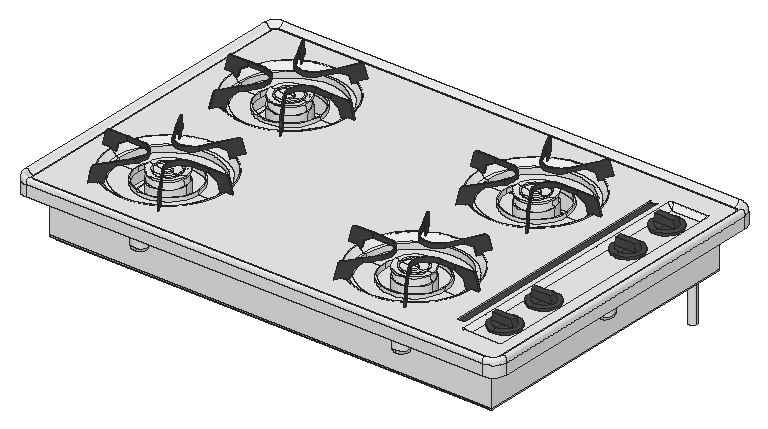
Revit family "QF_Summit_ZNL05P_Cooktop", category Specialty Equipment, Revit 2020
Family settings
  Round Connector Dimension = Use Diameter
  Part Type = Normal
  Work Plane-Based = No
  Always vertical = Yes
  Cut with Voids When Loaded = No
  Shared = No
  Room Calculation Point = No
Parameters
  Weight in Pounds = 32
  URL Cutsheet = ""
  Specification by User = ""
  Specification by Manufacturer = ""
  Serial Number = ""
  Seismic Rating = ""
  SMACNA No = ""
  Revision Code = ""
  Plumbing Remarks = ""
  Plumbing Connection Type = ""
  NAFEM Spec ID Number = ""
  Model = "ZNL05P"
  Masterspec = ""
  Manufacturer = "Summit"
  Length = 29 3/4"
  Item Number = ""
  Installed By = ""
  Identify Quantity as Lot = yes
  Height = 3 3/4"
  Gas Size = 0"
  Gas RI Height = 0"
  Gas KW = 0
  Gas Input = 9000.0 Btu/h
  Gas Connection Height = 0"
  Furnished By = ""
  Foodservice Equipment Identifier = yes
  Description = "Cooktop"
  Depth = 20"
  Default Elevation = 0"
  CSI MasterFormat = ""
Reference planes (in)
  plane 1 "BACK": y = 0
  plane 2: z = 0
  plane 3 "LEFT": x = 0
  plane 4 "RIGHT": x = 29.75
  plane 5 "FRONT": y = -20
  plane 6 "TOP": z = 3.75
  plane 7 "Center Y": x = 14.875
  plane 8 "Center X": y = -10
  plane 9: z = 2.75
  plane 10: z = 0.25
  plane 11: z = -2.75
Forms (in)
  Sweep 1, solid, material "QF_Metal_Chrome_Satin"
    path origin (0, 0, 3.74988) x (-1, 0, 0) y (0, -1, 0)
      loop
        line (-0.0625, 0.8125) -> (-0.0625, 19.1875)
        arc (-0.0625, 19.1875) -> (-0.28217, 19.71783) -> (-0.8125, 19.9375) r 0.75
        line (-0.8125, 19.9375) -> (-28.9375, 19.9375)
        arc (-28.9375, 19.9375) -> (-29.46783, 19.71783) -> (-29.6875, 19.1875) r 0.75
        line (-29.6875, 19.1875) -> (-29.6875, 0.8125)
        arc (-29.6875, 0.8125) -> (-29.46783, 0.28217) -> (-28.9375, 0.0625) r 0.75
        line (-28.9375, 0.0625) -> (-0.8125, 0.0625)
        arc (-0.8125, 0.0625) -> (-0.28217, 0.28217) -> (-0.0625, 0.8125) r 0.75
    profile origin (0.0625, -10, 3.74988) x (1, 0, 0) y (0, 0, 1)
      loop
        line (0.50007, -0.99988) -> (0.50007, -0.24988)
        spline (0.50007, -0.24988) -> (0.38683, -0.22526) -> (0.30986, -0.16677) -> (0.25459, -0.09746) -> (0.20654, -0.0403) -> (0.15715, -0.00897) -> (0.1083, -0.00102) -> (0.06291, -0.01235) -> (0.02367, -0.03905) -> (-0.00886, -0.07917) -> (-0.03532, -0.13183) -> (-0.05489, -0.20201) -> (-0.06266, -0.31115)
        line (-0.06266, -0.31115) -> (-0.06266, -0.99988) -> (0.50007, -0.99988)
  Extrusion 2, solid, material "QF_Metal_Chrome_Satin"
    sketch origin (23.1875, -0.5625, 3.24988) x (0, 1, 0) y (1, 0, 0)
      loop
        circle (-4.74127, -17.90956) r 3.49904
      loop
        line (-18.875, 5.75) -> (-18.875, -22.375)
        arc (-18.875, -22.375) -> (-18.80178, -22.55178) -> (-18.625, -22.625) r 0.25
        line (-18.625, -22.625) -> (-0.25, -22.625)
        arc (-0.25, -22.625) -> (-0.07322, -22.55178) -> (0, -22.375) r 0.25
        line (0, -22.375) -> (0, 5.75)
        arc (0, 5.75) -> (-0.07322, 5.92678) -> (-0.25, 6) r 0.25
        line (-0.25, 6) -> (-18.625, 6)
        arc (-18.625, 6) -> (-18.80178, 5.92678) -> (-18.875, 5.75) r 0.25
      loop
        circle (-4.74127, -2.71662) r 3.49904
      loop
        circle (-14.13373, -17.90956) r 3.49904
      loop
        circle (-14.13373, -2.71662) r 3.49904
    from 0.49988 to -0.25012
  Blend 3, void
    base sketch origin (23.18874, -0.56796, 3.54988) x (0, 1, 0) y (-1, 0, 0)
      loop
        arc (-1.25, -3) -> (-1.32322, -2.82322) -> (-1.5, -2.75) r 0.25
        line (-1.5, -2.75) -> (-17.375, -2.75)
        arc (-17.375, -2.75) -> (-17.55178, -2.82322) -> (-17.625, -3) r 0.25
        line (-17.625, -3) -> (-17.625, -5.25)
        arc (-17.625, -5.25) -> (-17.55178, -5.42678) -> (-17.375, -5.5) r 0.25
        line (-17.375, -5.5) -> (-1.5, -5.5)
        arc (-1.5, -5.5) -> (-1.32322, -5.42678) -> (-1.25, -5.25) r 0.25
        line (-1.25, -5.25) -> (-1.25, -3)
    top sketch origin (23.18874, -0.56796, 3.54988) x (0, 1, 0) y (-1, 0, 0)
      loop
        line (-1.71875, -3.21875) -> (-17.15625, -3.21875) -> (-17.15625, -5.03125) -> (-1.71875, -5.03125) -> (-1.71875, -3.21875)
    from 0.0625 to -0.31152
  Extrusion 4, void
    sketch origin (23.18874, -0.56796, 3.54988) x (0, 1, 0) y (-1, 0, 0)
      loop
        arc (-2, -2.1875) -> (-2.01831, -2.14331) -> (-2.0625, -2.125) r 0.0625
        line (-2.0625, -2.125) -> (-16.8125, -2.125)
        arc (-16.8125, -2.125) -> (-16.85669, -2.14331) -> (-16.875, -2.1875) r 0.0625
        line (-16.875, -2.1875) -> (-16.875, -2.5625)
        arc (-16.875, -2.5625) -> (-16.85669, -2.60669) -> (-16.8125, -2.625) r 0.0625
        line (-16.8125, -2.625) -> (-2.0625, -2.625)
        arc (-2.0625, -2.625) -> (-2.01831, -2.60669) -> (-2, -2.5625) r 0.0625
        line (-2, -2.5625) -> (-2, -2.1875)
    from 0.0625 to -0.125
  Revolve 5, solid, material "QF_Plastic_Black_Smooth"
    sketch origin (27.31374, -3, 0.23835) x (0, 1, 0) y (0, 0, 1)
      loop
        line (-0.75736, 3) -> (-0.50736, 3) -> (-0.50736, 3.07947) -> (0.15671, 3.07947) -> (0.15671, 3.2014)
        arc (0.15671, 3.2014) -> (0.03405, 3.23774) -> (-0.09329, 3.25) r 0.66737
        line (-0.09329, 3.25) -> (-0.75736, 3.25) -> (-0.75736, 3)
      axis (-0.75736, 3.25) -> (-0.75736, 3)
    angle from 0 to 360
  Blend 6, solid, material "QF_Plastic_Black_Smooth"
    base sketch origin (5.74846, -3, 3.98835) x (-1, 0, 0) y (0, -1, 0)
      loop
        arc (-20.9318, 0.55812) -> (-20.90121, 0.75736) -> (-20.9318, 0.95659) r 0.66406
        line (-20.9318, 0.95659) -> (-22.19875, 0.95659)
        arc (-22.19875, 0.95659) -> (-22.22934, 0.75736) -> (-22.19875, 0.55812) r 0.66406
        line (-22.19875, 0.55812) -> (-20.9318, 0.55812)
    top sketch origin (5.74846, -3, 3.98835) x (-1, 0, 0) y (0, -1, 0)
      loop
        arc (-20.98589, 0.57514) -> (-20.95791, 0.75736) -> (-20.98589, 0.93958) r 0.60736
        line (-20.98589, 0.93958) -> (-22.14466, 0.93958)
        arc (-22.14466, 0.93958) -> (-22.17264, 0.75736) -> (-22.14466, 0.57514) r 0.60736
        line (-22.14466, 0.57514) -> (-20.98589, 0.57514)
    from -0.5 to -0.05271
  Revolve 7, solid, material "QF_Plastic_Black_Smooth", not visible
    sketch origin (21.56528, -3, 0) x (0, 1, 0) y (0, 0, 1)
      loop
        line (-0.75736, 3) -> (-0.50736, 3) -> (-0.50736, 3.07947) -> (0.15671, 3.07947) -> (0.15671, 3.2014)
        arc (0.15671, 3.2014) -> (0.03405, 3.23774) -> (-0.09329, 3.25) r 0.66737
        line (-0.09329, 3.25) -> (-0.75736, 3.25) -> (-0.75736, 3)
      axis (-0.75736, 3.25) -> (-0.75736, 3)
    angle from 0 to 360
  Blend 8, solid, material "QF_Plastic_Black_Smooth", not visible
    base sketch origin (0, -3, 3.75) x (-1, 0, 0) y (0, -1, 0)
      loop
        arc (-20.9318, 0.55812) -> (-20.90121, 0.75736) -> (-20.9318, 0.95659) r 0.66406
        line (-20.9318, 0.95659) -> (-22.19875, 0.95659)
        arc (-22.19875, 0.95659) -> (-22.22934, 0.75736) -> (-22.19875, 0.55812) r 0.66406
        line (-22.19875, 0.55812) -> (-20.9318, 0.55812)
    top sketch origin (0, -3, 3.75) x (-1, 0, 0) y (0, -1, 0)
      loop
        arc (-20.98589, 0.57514) -> (-20.95791, 0.75736) -> (-20.98589, 0.93958) r 0.60736
        line (-20.98589, 0.93958) -> (-22.14466, 0.93958)
        arc (-22.14466, 0.93958) -> (-22.17264, 0.75736) -> (-22.14466, 0.57514) r 0.60736
        line (-22.14466, 0.57514) -> (-20.98589, 0.57514)
    from -0.5 to -0.05271
  Revolve 9, solid, material "QF_Plastic_Black_Smooth"
    sketch origin (27.31156, -3.00158, 0.23835) x (0, 1, 0) y (0, 0, 1)
      loop
        line (-3.75736, 3) -> (-3.50736, 3) -> (-3.50736, 3.07947) -> (-2.84329, 3.07947) -> (-2.84329, 3.2014)
        arc (-2.84329, 3.2014) -> (-2.96595, 3.23774) -> (-3.09329, 3.25) r 0.66737
        line (-3.09329, 3.25) -> (-3.75736, 3.25) -> (-3.75736, 3)
      axis (-3.75736, 3.25) -> (-3.75736, 3)
    angle from 0 to 360
  Blend 10, solid, material "QF_Plastic_Black_Smooth"
    base sketch origin (5.74628, -3.00158, 3.98835) x (-1, 0, 0) y (0, -1, 0)
      loop
        arc (-20.9318, 3.55812) -> (-20.90121, 3.75736) -> (-20.9318, 3.95659) r 0.66406
        line (-20.9318, 3.95659) -> (-22.19875, 3.95659)
        arc (-22.19875, 3.95659) -> (-22.22934, 3.75736) -> (-22.19875, 3.55812) r 0.66406
        line (-22.19875, 3.55812) -> (-20.9318, 3.55812)
    top sketch origin (5.74628, -3.00158, 3.98835) x (-1, 0, 0) y (0, -1, 0)
      loop
        arc (-20.98589, 3.57514) -> (-20.95791, 3.75736) -> (-20.98589, 3.93958) r 0.60736
        line (-20.98589, 3.93958) -> (-22.14466, 3.93958)
        arc (-22.14466, 3.93958) -> (-22.17264, 3.75736) -> (-22.14466, 3.57514) r 0.60736
        line (-22.14466, 3.57514) -> (-20.98589, 3.57514)
    from -0.5 to -0.05271
  Revolve 11, solid, material "QF_Plastic_Black_Smooth"
    sketch origin (27.31156, -6.00158, 0.23835) x (0, 1, 0) y (0, 0, 1)
      loop
        line (-10.24264, 3) -> (-10.24264, 3.25) -> (-10.90671, 3.25)
        arc (-10.90671, 3.25) -> (-11.03405, 3.23774) -> (-11.15671, 3.2014) r 0.66737
        line (-11.15671, 3.2014) -> (-11.15671, 3.07947) -> (-10.49264, 3.07947) -> (-10.49264, 3) -> (-10.24264, 3)
      axis (-10.24264, 3.25) -> (-10.24264, 3)
    angle from 0 to 360
  Blend 12, solid, material "QF_Plastic_Black_Smooth"
    base sketch origin (5.74628, -6.00158, 3.98835) x (-1, 0, 0) y (0, -1, 0)
      loop
        line (-20.9318, 10.44188) -> (-22.19875, 10.44188)
        arc (-22.19875, 10.44188) -> (-22.22934, 10.24264) -> (-22.19875, 10.04341) r 0.66406
        line (-22.19875, 10.04341) -> (-20.9318, 10.04341)
        arc (-20.9318, 10.04341) -> (-20.90121, 10.24264) -> (-20.9318, 10.44188) r 0.66406
    top sketch origin (5.74628, -6.00158, 3.98835) x (-1, 0, 0) y (0, -1, 0)
      loop
        line (-20.98589, 10.42486) -> (-22.14466, 10.42486)
        arc (-22.14466, 10.42486) -> (-22.17264, 10.24264) -> (-22.14466, 10.06042) r 0.60736
        line (-22.14466, 10.06042) -> (-20.98589, 10.06042)
        arc (-20.98589, 10.06042) -> (-20.95791, 10.24264) -> (-20.98589, 10.42486) r 0.60736
    from -0.5 to -0.05271
  Revolve 13, solid, material "QF_Plastic_Black_Smooth"
    sketch origin (27.31156, -3.00158, 0.23835) x (0, 1, 0) y (0, 0, 1)
      loop
        line (-10.24264, 3) -> (-10.24264, 3.25) -> (-10.90671, 3.25)
        arc (-10.90671, 3.25) -> (-11.03405, 3.23774) -> (-11.15671, 3.2014) r 0.66737
        line (-11.15671, 3.2014) -> (-11.15671, 3.07947) -> (-10.49264, 3.07947) -> (-10.49264, 3) -> (-10.24264, 3)
      axis (-10.24264, 3.25) -> (-10.24264, 3)
    angle from 0 to 360
  Blend 14, solid, material "QF_Plastic_Black_Smooth"
    base sketch origin (5.74628, -3.00158, 3.98835) x (-1, 0, 0) y (0, -1, 0)
      loop
        line (-20.9318, 10.44188) -> (-22.19875, 10.44188)
        arc (-22.19875, 10.44188) -> (-22.22934, 10.24264) -> (-22.19875, 10.04341) r 0.66406
        line (-22.19875, 10.04341) -> (-20.9318, 10.04341)
        arc (-20.9318, 10.04341) -> (-20.90121, 10.24264) -> (-20.9318, 10.44188) r 0.66406
    top sketch origin (5.74628, -3.00158, 3.98835) x (-1, 0, 0) y (0, -1, 0)
      loop
        line (-20.98589, 10.42486) -> (-22.14466, 10.42486)
        arc (-22.14466, 10.42486) -> (-22.17264, 10.24264) -> (-22.14466, 10.06042) r 0.60736
        line (-22.14466, 10.06042) -> (-20.98589, 10.06042)
        arc (-20.98589, 10.06042) -> (-20.95791, 10.24264) -> (-20.98589, 10.42486) r 0.60736
    from -0.5 to -0.05271
  Revolve 15, solid, material "QF_Plastic_Black_Smooth", not visible
    sketch origin (21.56528, -20.00316, 0) x (0, 1, 0) y (0, 0, 1)
      loop
        line (16.2458, 3) -> (16.4958, 3) -> (16.4958, 3.07947) -> (17.15986, 3.07947) -> (17.15986, 3.2014)
        arc (17.15986, 3.2014) -> (17.0372, 3.23774) -> (16.90986, 3.25) r 0.66737
        line (16.90986, 3.25) -> (16.2458, 3.25) -> (16.2458, 3)
      axis (16.2458, 3.25) -> (16.2458, 3)
    angle from 0 to 360
  Blend 16, solid, material "QF_Plastic_Black_Smooth", not visible
    base sketch origin (0, -20.00316, 3.75) x (-1, 0, 0) y (0, -1, 0)
      loop
        arc (-20.9318, -16.44503) -> (-20.90121, -16.2458) -> (-20.9318, -16.04657) r 0.66406
        line (-20.9318, -16.04657) -> (-22.19875, -16.04657)
        arc (-22.19875, -16.04657) -> (-22.22934, -16.2458) -> (-22.19875, -16.44503) r 0.66406
        line (-22.19875, -16.44503) -> (-20.9318, -16.44503)
    top sketch origin (0, -20.00316, 3.75) x (-1, 0, 0) y (0, -1, 0)
      loop
        arc (-20.98589, -16.42802) -> (-20.95791, -16.2458) -> (-20.98589, -16.06358) r 0.60736
        line (-20.98589, -16.06358) -> (-22.14466, -16.06358)
        arc (-22.14466, -16.06358) -> (-22.17264, -16.2458) -> (-22.14466, -16.42802) r 0.60736
        line (-22.14466, -16.42802) -> (-20.98589, -16.42802)
    from -0.5 to -0.05271
  Extrusion 17, solid, material "QF_Metal_Chrome_Satin"
    sketch origin (9.68847, 8.08075, 0) x (-1, 0, 0) y (0, 1, 0)
      loop
        circle (-17.75, -10) r 0.25
    from -0.125 to 2.75
  Sweep 18, solid, material "QF_Metal_Chrome_Satin"
    path origin (0, 0, 0) x (1, 0, 0) y (0, 1, 0)
      loop
        line (28.5, -1.25) -> (1.25, -1.25) -> (1.25, -18.75) -> (28.5, -18.75) -> (28.5, -1.25)
    profile origin (28.5, -10, 0) x (1, 0, 0) y (0, 0, 1)
      loop
        line (-0.25, 0) -> (-0.25, 0.125) -> (-0.13174, 0.125)
        arc (-0.13174, 0.125) -> (-0.03859, 0.16359) -> (0, 0.25674) r 0.13174
        line (0, 0.25674) -> (0, 2.75) -> (-0.125, 2.75) -> (-0.125, 0.25) -> (-0.375, 0.25) -> (-0.375, 0) -> (-0.25, 0)
  Extrusion 19, solid, material "QF_Metal_Chrome_Satin"
    sketch origin (28.125, -1.625, 0.25) x (0, -1, 0) y (1, 0, 0)
      loop
        line (0, -26.5) -> (16.75, -26.5) -> (16.75, 0) -> (0, 0) -> (0, -26.5)
    from 0 to -0.125
  Extrusion 20, solid, material "QF_Metal_Chrome_Satin"
    sketch origin (28.125, -1.625, 0.125) x (1, 0, 0) y (0, -1, 0)
      loop
        circle (-1.43653, 0.29425) r 0.25
    from 0 to 0.0625
  Revolve 21, solid, material "QF_Metal_Chrome_Satin"
    sketch origin (0, -10, 0) x (1, 0, 0) y (0, 0, 1)
      loop
        line (1.25, 2.75) -> (0.75, 2.75) -> (0.75, 1.75)
        arc (0.75, 1.75) -> (0.8255, 1.58445) -> (1, 1.5329) r 0.21926
        line (1, 1.5329) -> (1.25, 1.5329) -> (1.25, 2.75)
      axis (1.25, 1.5329) -> (1.25, 2.75)
    angle from -90 to 90
  Revolve 22, solid, material "QF_Metal_Chrome_Satin"
    sketch origin (24, -10, 0) x (-1, 0, 0) y (0, 0, -1)
      loop
        line (-4.5, -2.75) -> (-4.5, -1.5329) -> (-4.75, -1.5329)
        arc (-4.75, -1.5329) -> (-4.9245, -1.58445) -> (-5, -1.75) r 0.21926
        line (-5, -1.75) -> (-5, -2.75) -> (-4.5, -2.75)
      axis (-4.5, -1.5329) -> (-4.5, -2.75)
    angle from -90 to 90
  Revolve 23, solid, material "QF_Metal_Chrome_Satin"
    sketch origin (21.33132, -1.25, 0) x (-1, 0, 0) y (0, 0, -1)
      loop
        line (-1.625, -2.75) -> (-1.625, -1.5329) -> (-1.875, -1.5329)
        arc (-1.875, -1.5329) -> (-2.0495, -1.58445) -> (-2.125, -1.75) r 0.21926
        line (-2.125, -1.75) -> (-2.125, -2.75) -> (-1.625, -2.75)
      axis (-1.625, -1.5329) -> (-1.625, -2.75)
    angle from 0 to 180
  Revolve 24, solid, material "QF_Metal_Chrome_Satin"
    sketch origin (5.19698, -1.25, 0) x (-1, 0, 0) y (0, 0, -1)
      loop
        line (-1.625, -2.75) -> (-1.625, -1.5329) -> (-1.875, -1.5329)
        arc (-1.875, -1.5329) -> (-2.0495, -1.58445) -> (-2.125, -1.75) r 0.21926
        line (-2.125, -1.75) -> (-2.125, -2.75) -> (-1.625, -2.75)
      axis (-1.625, -1.5329) -> (-1.625, -2.75)
    angle from 0 to 180
  Revolve 25, solid, material "QF_Metal_Chrome_Satin"
    sketch origin (21.33132, -18.75, 0) x (-1, 0, 0) y (0, 0, 1)
      loop
        line (-1.625, 2.75) -> (-2.125, 2.75) -> (-2.125, 1.75)
        arc (-2.125, 1.75) -> (-2.0495, 1.58445) -> (-1.875, 1.5329) r 0.21926
        line (-1.875, 1.5329) -> (-1.625, 1.5329) -> (-1.625, 2.75)
      axis (-1.625, 1.5329) -> (-1.625, 2.75)
    angle from 0 to 180
  Revolve 26, solid, material "QF_Metal_Chrome_Satin"
    sketch origin (5.19698, -18.75, 0) x (-1, 0, 0) y (0, 0, 1)
      loop
        line (-1.625, 2.75) -> (-2.125, 2.75) -> (-2.125, 1.75)
        arc (-2.125, 1.75) -> (-2.0495, 1.58445) -> (-1.875, 1.5329) r 0.21926
        line (-1.875, 1.5329) -> (-1.625, 1.5329) -> (-1.625, 2.75)
      axis (-1.625, 1.5329) -> (-1.625, 2.75)
    angle from 0 to 180
Cuts and joins
  Blend 3, Extrusion 4 cuts Extrusion 2
Lines and regions (in)
  symbolic lines
    curve 1: arc (27.31374, -2.84329, 3.98835) -> (26.39968, -3.75736, 3.98835) -> (27.31374, -4.67142, 3.98835) r 0.91406
    curve 2: arc (27.31374, -4.67142, 3.98835) -> (28.2278, -3.75736, 3.98835) -> (27.31374, -2.84329, 3.98835) r 0.91406
    curve 3: line (26.68027, -3.55812, 3.98835) -> (27.94721, -3.55812, 3.98835)
    curve 4: line (27.94721, -3.95659, 3.98835) -> (26.68027, -3.95659, 3.98835)
    curve 5: arc (26.68027, -3.55812, 3.98835) -> (26.64968, -3.75736, 3.98835) -> (26.68027, -3.95659, 3.98835) r 0.66406
    curve 6: arc (27.94721, -3.95659, 3.98835) -> (27.9778, -3.75736, 3.98835) -> (27.94721, -3.55812, 3.98835) r 0.66406
    curve 13: arc (27.31156, -5.84487, 3.98835) -> (26.3975, -6.75893, 3.98835) -> (27.31156, -7.673, 3.98835) r 0.91406
    curve 14: arc (27.31156, -7.673, 3.98835) -> (28.22562, -6.75893, 3.98835) -> (27.31156, -5.84487, 3.98835) r 0.91406
    curve 15: line (26.67809, -6.5597, 3.98835) -> (27.94503, -6.5597, 3.98835)
    curve 16: line (27.94503, -6.95817, 3.98835) -> (26.67809, -6.95817, 3.98835)
    curve 17: arc (26.67809, -6.5597, 3.98835) -> (26.6475, -6.75893, 3.98835) -> (26.67809, -6.95817, 3.98835) r 0.66406
    curve 18: arc (27.94503, -6.95817, 3.98835) -> (27.97562, -6.75893, 3.98835) -> (27.94503, -6.5597, 3.98835) r 0.66406
    curve 19: arc (27.31156, -17.15828, 3.98835) -> (26.3975, -16.24422, 3.98835) -> (27.31156, -15.33016, 3.98835) r 0.91406
    curve 20: arc (27.31156, -15.33016, 3.98835) -> (28.22562, -16.24422, 3.98835) -> (27.31156, -17.15828, 3.98835) r 0.91406
    curve 21: line (26.67809, -16.44345, 3.98835) -> (27.94503, -16.44345, 3.98835)
    curve 22: line (27.94503, -16.04499, 3.98835) -> (26.67809, -16.04499, 3.98835)
    curve 23: arc (26.67809, -16.44345, 3.98835) -> (26.6475, -16.24422, 3.98835) -> (26.67809, -16.04499, 3.98835) r 0.66406
    curve 24: arc (27.94503, -16.04499, 3.98835) -> (27.97562, -16.24422, 3.98835) -> (27.94503, -16.44345, 3.98835) r 0.66406
    curve 25: arc (27.31156, -14.15828, 3.98835) -> (26.3975, -13.24422, 3.98835) -> (27.31156, -12.33016, 3.98835) r 0.91406
    curve 26: arc (27.31156, -12.33016, 3.98835) -> (28.22562, -13.24422, 3.98835) -> (27.31156, -14.15828, 3.98835) r 0.91406
    curve 27: line (26.67809, -13.44345, 3.98835) -> (27.94503, -13.44345, 3.98835)
    curve 28: line (27.94503, -13.04499, 3.98835) -> (26.67809, -13.04499, 3.98835)
    curve 29: arc (26.67809, -13.44345, 3.98835) -> (26.6475, -13.24422, 3.98835) -> (26.67809, -13.04499, 3.98835) r 0.66406
    curve 30: arc (27.94503, -13.04499, 3.98835) -> (27.97562, -13.24422, 3.98835) -> (27.94503, -13.44345, 3.98835) r 0.66406
    curve 37: line (0.5625, -0.8125, 0) -> (0.5625, -19.1875, 0)
    curve 38: line (28.9375, -0.5625, 0) -> (0.8125, -0.5625, 0)
    curve 39: arc (0.5625, -0.8125, 0) -> (0.63572, -0.63572, 0) -> (0.8125, -0.5625, 0) r 0.25
    curve 40: arc (28.9375, -0.5625, 0) -> (29.11428, -0.63572, 0) -> (29.1875, -0.8125, 0) r 0.25
    curve 41: line (29.1875, -19.1875, 0) -> (29.1875, -0.8125, 0)
    curve 42: line (28.21999, -2.28671, 0) -> (26.40749, -2.28671, 0)
    curve 43: line (26.40749, -2.28671, 0) -> (26.40749, -17.72421, 0)
    curve 44: line (26.40749, -17.72421, 0) -> (28.21999, -17.72421, 0)
    curve 45: line (28.21999, -17.72421, 0) -> (28.21999, -2.28671, 0)
    curve 46: line (26.25446, -1.9588, 0) -> (28.37302, -1.9588, 0)
    curve 47: arc (28.37302, -1.9588, 0) -> (28.49668, -2.01002, 0) -> (28.5479, -2.13368, 0) r 0.17489
    curve 48: line (28.5479, -2.13368, 0) -> (28.5479, -17.87723, 0)
    curve 49: arc (28.5479, -17.87723, 0) -> (28.49668, -18.0009, 0) -> (28.37302, -18.05212, 0) r 0.17489
    curve 50: line (28.37302, -18.05212, 0) -> (26.25446, -18.05212, 0)
    curve 51: arc (26.25446, -18.05212, 0) -> (26.1308, -18.0009, 0) -> (26.07958, -17.87723, 0) r 0.17489
    curve 52: line (26.07958, -17.87723, 0) -> (26.07958, -2.13368, 0)
    curve 53: arc (26.07958, -2.13368, 0) -> (26.1308, -2.01002, 0) -> (26.25446, -1.9588, 0) r 0.17489
    curve 54: line (25.31374, -17.38046, 0) -> (25.31374, -2.63046, 0)
    curve 55: arc (25.31374, -2.63046, 0) -> (25.33205, -2.58626, 0) -> (25.37624, -2.56796, 0) r 0.0625
    curve 56: line (25.37624, -2.56796, 0) -> (25.75124, -2.56796, 0)
    curve 57: arc (25.75124, -2.56796, 0) -> (25.79543, -2.58626, 0) -> (25.81374, -2.63046, 0) r 0.0625
    curve 58: line (25.81374, -2.63046, 0) -> (25.81374, -17.38046, 0)
    curve 59: arc (25.81374, -17.38046, 0) -> (25.79543, -17.42465, 0) -> (25.75124, -17.44296, 0) r 0.0625
    curve 60: line (25.75124, -17.44296, 0) -> (25.37624, -17.44296, 0)
    curve 61: arc (25.37624, -17.44296, 0) -> (25.33205, -17.42465, 0) -> (25.31374, -17.38046, 0) r 0.0625
    curve 62: line (0.8125, -19.4375, 0) -> (28.9375, -19.4375, 0)
    curve 63: arc (29.1875, -19.1875, 0) -> (29.11428, -19.36428, 0) -> (28.9375, -19.4375, 0) r 0.25
    curve 64: arc (0.8125, -19.4375, 0) -> (0.63572, -19.36428, 0) -> (0.5625, -19.1875, 0) r 0.25
    curve 65: line (-0.00016, -19.1875, 0) -> (-0.00016, -0.8125, 0)
    curve 66: arc (-0.00016, -0.8125, 0) -> (0.23786, -0.23786, 0) -> (0.8125, 0.00016, 0) r 0.81266
    curve 67: line (0.8125, 0.00016, 0) -> (28.9375, 0.00016, 0)
    curve 68: arc (28.9375, 0.00016, 0) -> (29.51214, -0.23786, 0) -> (29.75016, -0.8125, 0) r 0.81266
    curve 69: line (29.75016, -0.8125, 0) -> (29.75016, -19.1875, 0)
    curve 70: arc (29.75016, -19.1875, 0) -> (29.51214, -19.76214, 0) -> (28.9375, -20.00016, 0) r 0.81266
    curve 71: line (28.9375, -20.00016, 0) -> (0.8125, -20.00016, 0)
    curve 72: arc (0.8125, -20.00016, 0) -> (0.23786, -19.76214, 0) -> (-0.00016, -19.1875, 0) r 0.81266
  symbolic lines, not visible
    curve 7: arc (21.56528, -2.84329, 3.75) -> (20.65121, -3.75736, 3.75) -> (21.56528, -4.67142, 3.75) r 0.91406
    curve 8: arc (21.56528, -4.67142, 3.75) -> (22.47934, -3.75736, 3.75) -> (21.56528, -2.84329, 3.75) r 0.91406
    curve 9: line (20.9318, -3.55812, 3.75) -> (22.19875, -3.55812, 3.75)
    curve 10: line (22.19875, -3.95659, 3.75) -> (20.9318, -3.95659, 3.75)
    curve 11: arc (20.9318, -3.55812, 3.75) -> (20.90121, -3.75736, 3.75) -> (20.9318, -3.95659, 3.75) r 0.66406
    curve 12: arc (22.19875, -3.95659, 3.75) -> (22.22934, -3.75736, 3.75) -> (22.19875, -3.55812, 3.75) r 0.66406
    curve 31: arc (21.56528, -2.84329, 3.75) -> (20.65121, -3.75736, 3.75) -> (21.56528, -4.67142, 3.75) r 0.91406
    curve 32: arc (21.56528, -4.67142, 3.75) -> (22.47934, -3.75736, 3.75) -> (21.56528, -2.84329, 3.75) r 0.91406
    curve 33: line (20.9318, -3.55812, 3.75) -> (22.19875, -3.55812, 3.75)
    curve 34: line (22.19875, -3.95659, 3.75) -> (20.9318, -3.95659, 3.75)
    curve 35: arc (20.9318, -3.55812, 3.75) -> (20.90121, -3.75736, 3.75) -> (20.9318, -3.95659, 3.75) r 0.66406
    curve 36: arc (22.19875, -3.95659, 3.75) -> (22.22934, -3.75736, 3.75) -> (22.19875, -3.55812, 3.75) r 0.66406
Dimensions and locks (in)
  equal spacing: plane 3 "LEFT", plane 7 "Center Y", plane 4 "RIGHT"
  "Length": plane 3 "LEFT" to plane 4 "RIGHT"
  equal spacing: plane 5 "FRONT", plane 8 "Center X", plane 1 "BACK"
  "Depth": plane 5 "FRONT" to plane 1 "BACK"
  "Height": plane 6 "TOP" to level
  plane 9 to plane 10 = 2 1/2"
  plane 10 to plane 11 = 3"
  plane 6 "TOP" to plane 9 = 1"
  aligned and locked: level to plane 2
Automatic sketch dimensions
  Blend 6 sketch curve to Blend 6 sketch curve = 0.63347"  (x2)
  Blend 6 sketch curve to Blend 6 sketch curve = 51/256"
  Blend 6 sketch curve to Blend 6 sketch curve = 0"  (x10)
  Blend 6 sketch curve to Blend 6 sketch curve = 0.57938"  (x2)
  Blend 6 sketch curve to Blend 6 sketch curve = 0.18222"
  curve 4 to curve 1 = 0.63347"
  curve 3 to curve 1 = 51/256"
  curve 2 to curve 5 = 183/256"
  curve 3 to curve 4 = 0"
  curve 2 to curve 3 = 0.63347"
  curve 2 to curve 5 = 0"  (x4)
  curve 2 to curve 6 = 0"  (x3)
  curve 5 to curve 6 = 0"  (x3)
  curve 1 to curve 2 = 0"  (x2)
  curve 1 to curve 5 = 0"  (x2)
  curve 1 to curve 6 = 0"  (x2)
  Blend 8 sketch curve to Blend 8 sketch curve = 0.63347"  (x2)
  Blend 8 sketch curve to Blend 8 sketch curve = 51/256"
  Blend 8 sketch curve to Blend 8 sketch curve = 0"  (x10)
  Blend 8 sketch curve to Blend 8 sketch curve = 0.57938"  (x2)
  Blend 8 sketch curve to Blend 8 sketch curve = 0.18222"
  curve 10 to curve 7 = 0.63347"
  curve 9 to curve 7 = 51/256"
  curve 8 to curve 11 = 183/256"
  curve 9 to curve 10 = 0"
  curve 8 to curve 9 = 0.63347"
  curve 8 to curve 11 = 0"  (x4)
  curve 8 to curve 12 = 0"  (x3)
  curve 11 to curve 12 = 0"  (x3)
  curve 7 to curve 8 = 0"  (x2)
  curve 7 to curve 11 = 0"  (x2)
  curve 7 to curve 12 = 0"  (x2)
  Revolve 9 sketch curve to Revolve 9 sketch curve = 1/4"  (x2)
  Revolve 9 sketch curve to Revolve 9 sketch curve = 53/128"
  Revolve 9 sketch curve to Revolve 9 sketch curve = 85/128"
  Revolve 9 sketch curve to Revolve 9 sketch curve = 0"
  Revolve 9 sketch curve to Revolve 9 sketch curve = 0.12193"
  Blend 10 sketch curve to Blend 10 sketch curve = 0.63347"  (x2)
  Blend 10 sketch curve to Blend 10 sketch curve = 51/256"
  Blend 10 sketch curve to Blend 10 sketch curve = 0"  (x10)
  Blend 10 sketch curve to Blend 10 sketch curve = 0.57938"  (x2)
  Blend 10 sketch curve to Blend 10 sketch curve = 0.18222"
  Revolve 9 sketch curve to Revolve 9 sketch curve = 0.41737"
  Revolve 9 sketch curve to Revolve 9 sketch curve = 0.07947"
  Revolve 9 sketch curve to Revolve 9 sketch curve = 0.30818"
  Revolve 11 sketch curve to Revolve 11 sketch curve = 1/4"  (x2)
  Revolve 11 sketch curve to Revolve 11 sketch curve = 53/128"
  Revolve 11 sketch curve to Revolve 11 sketch curve = 85/128"
  Revolve 11 sketch curve to Revolve 11 sketch curve = 0"
  Revolve 11 sketch curve to Revolve 11 sketch curve = 0.12193"
  Blend 12 sketch curve to Blend 12 sketch curve = 0.63347"  (x2)
  Blend 12 sketch curve to Blend 12 sketch curve = 51/256"
  Blend 12 sketch curve to Blend 12 sketch curve = 0"  (x10)
  Blend 12 sketch curve to Blend 12 sketch curve = 0.57938"  (x2)
  Blend 12 sketch curve to Blend 12 sketch curve = 0.18222"
  Revolve 11 sketch curve to Revolve 11 sketch curve = 0.41737"
  Revolve 11 sketch curve to Revolve 11 sketch curve = 0.07947"
  Revolve 11 sketch curve to Revolve 11 sketch curve = 0.30818"
  Revolve 13 sketch curve to Revolve 13 sketch curve = 1/4"  (x2)
  Revolve 13 sketch curve to Revolve 13 sketch curve = 53/128"
  Revolve 13 sketch curve to Revolve 13 sketch curve = 85/128"
  Revolve 13 sketch curve to Revolve 13 sketch curve = 0"
  Revolve 13 sketch curve to Revolve 13 sketch curve = 0.12193"
  Blend 14 sketch curve to Blend 14 sketch curve = 0.63347"  (x2)
  Blend 14 sketch curve to Blend 14 sketch curve = 51/256"
  Blend 14 sketch curve to Blend 14 sketch curve = 0"  (x10)
  Blend 14 sketch curve to Blend 14 sketch curve = 0.57938"  (x2)
  Blend 14 sketch curve to Blend 14 sketch curve = 0.18222"
  Revolve 13 sketch curve to Revolve 13 sketch curve = 0.41737"
  Revolve 13 sketch curve to Revolve 13 sketch curve = 0.07947"
  Revolve 13 sketch curve to Revolve 13 sketch curve = 0.30818"
  curve 16 to curve 13 = 0.63347"
  curve 15 to curve 13 = 51/256"
  curve 14 to curve 17 = 183/256"
  curve 15 to curve 16 = 0"
  curve 14 to curve 15 = 0.63347"
  curve 14 to curve 17 = 0"  (x4)
  curve 14 to curve 18 = 0"  (x3)
  curve 17 to curve 18 = 0"  (x3)
  curve 13 to curve 14 = 0"  (x2)
  curve 13 to curve 17 = 0"  (x2)
  curve 13 to curve 18 = 0"  (x2)
  curve 22 to curve 19 = 0.63347"
  curve 19 to curve 21 = 51/256"
  curve 23 to curve 20 = 183/256"
  curve 21 to curve 22 = 0"
  curve 20 to curve 21 = 0.63347"
  curve 20 to curve 23 = 0"  (x4)
  curve 20 to curve 24 = 0"  (x3)
  curve 23 to curve 24 = 0"  (x3)
  curve 19 to curve 20 = 0"  (x2)
  curve 19 to curve 23 = 0"  (x2)
  curve 19 to curve 24 = 0"  (x2)
  curve 28 to curve 25 = 0.63347"
  curve 25 to curve 27 = 51/256"
  curve 29 to curve 26 = 183/256"
  curve 27 to curve 28 = 0"
  curve 26 to curve 27 = 0.63347"
  curve 26 to curve 29 = 0"  (x4)
  curve 26 to curve 30 = 0"  (x3)
  curve 29 to curve 30 = 0"  (x3)
  curve 25 to curve 26 = 0"  (x2)
  curve 25 to curve 29 = 0"  (x2)
  curve 25 to curve 30 = 0"  (x2)
  Revolve 15 sketch curve to Revolve 15 sketch curve = 1/4"  (x2)
  Revolve 15 sketch curve to Revolve 15 sketch curve = 53/128"
  Revolve 15 sketch curve to Revolve 15 sketch curve = 85/128"
  Revolve 15 sketch curve to Revolve 15 sketch curve = 0"
  Revolve 15 sketch curve to Revolve 15 sketch curve = 0.12193"
  Blend 16 sketch curve to Blend 16 sketch curve = 0.63347"  (x2)
  Blend 16 sketch curve to Blend 16 sketch curve = 51/256"
  Blend 16 sketch curve to Blend 16 sketch curve = 0"  (x10)
  Blend 16 sketch curve to Blend 16 sketch curve = 0.57938"  (x2)
  Blend 16 sketch curve to Blend 16 sketch curve = 0.18222"
  Revolve 15 sketch curve to Revolve 15 sketch curve = 0.41737"
  Revolve 15 sketch curve to Revolve 15 sketch curve = 0.07947"
  Revolve 15 sketch curve to Revolve 15 sketch curve = 0.30818"
  curve 34 to curve 31 = 0.63347"
  curve 33 to curve 31 = 51/256"
  curve 32 to curve 35 = 183/256"
  curve 33 to curve 34 = 0"
  curve 32 to curve 33 = 0.63347"
  curve 32 to curve 35 = 0"  (x4)
  curve 32 to curve 36 = 0"  (x3)
  curve 35 to curve 36 = 0"  (x3)
  curve 31 to curve 32 = 0"  (x2)
  curve 31 to curve 35 = 0"  (x2)
  curve 31 to curve 36 = 0"  (x2)
  Revolve 5 sketch curve to Revolve 5 sketch curve = 1/4"  (x2)
  Revolve 5 sketch curve to Revolve 5 sketch curve = 53/128"
  Revolve 5 sketch curve to Revolve 5 sketch curve = 0.41737"
  Revolve 5 sketch curve to Revolve 5 sketch curve = 0.07947"
  Revolve 5 sketch curve to Revolve 5 sketch curve = 0.12193"
  Revolve 5 sketch curve to Revolve 5 sketch curve = 0"  (x2)
  Revolve 5 sketch curve to Revolve 5 sketch curve = 0.30818"
  Revolve 7 sketch curve to Revolve 7 sketch curve = 1/4"  (x2)
  Revolve 7 sketch curve to Revolve 7 sketch curve = 53/128"
  Revolve 7 sketch curve to Revolve 7 sketch curve = 0.41737"
  Revolve 7 sketch curve to Revolve 7 sketch curve = 0.07947"
  Revolve 7 sketch curve to Revolve 7 sketch curve = 0.12193"
  Revolve 7 sketch curve to Revolve 7 sketch curve = 0"  (x2)
  Revolve 7 sketch curve to Revolve 7 sketch curve = 0.30818"
  plane 4 "RIGHT" to Sweep 1 sketch curve = 1/16"
  Sweep 1 sketch curve to Sweep 1 sketch curve = 3/4"
  Sweep 1 sketch curve to plane 5 "FRONT" = 1/16"
  plane 4 "RIGHT" to Sweep 1 sketch curve = 13/16"
  plane 3 "LEFT" to Sweep 1 sketch curve = 13/16"  (x2)
  plane 3 "LEFT" to Sweep 1 sketch curve = 1/16"
  plane 1 "BACK" to Sweep 1 sketch curve = 13/16"
  profile plane to Sweep 1 sketch curve = 0.06266"
  Sweep 1 sketch curve to profile plane = 0.50007"
  Sweep 1 sketch curve to profile plane = 0.99988"
  Sweep 1 sketch curve to profile plane = 0.31115"
  Sweep 1 sketch curve to profile plane = 0.24988"
  Extrusion 2 sketch curve to plane 5 "FRONT" = 9/16"
  Extrusion 2 sketch curve to Extrusion 2 sketch curve = 1/4"  (x3)
  Extrusion 2 sketch curve to plane 8 "Center X" = 4.69623"  (x2)
  plane 7 "Center Y" to Extrusion 2 sketch curve = 5.59588"  (x2)
  plane 8 "Center X" to Extrusion 2 sketch curve = 4.69623"  (x2)
  plane 1 "BACK" to Extrusion 2 sketch curve = 13/16"  (x2)
  plane 4 "RIGHT" to Extrusion 2 sketch curve = 13/16"
  plane 3 "LEFT" to Extrusion 2 sketch curve = 5.27794"  (x2)
  plane 3 "LEFT" to Extrusion 2 sketch curve = 13/16"
  Blend 3 sketch curve to plane 5 "FRONT" = 1.80704"
  Blend 3 sketch curve to Blend 3 sketch curve = 1/4"  (x3)
  plane 4 "RIGHT" to Blend 3 sketch curve = 1.31126"
  plane 1 "BACK" to Blend 3 sketch curve = 2.06796"  (x2)
  Blend 3 sketch curve to Blend 3 sketch curve = 2 1/4"
  Blend 3 sketch curve to plane 5 "FRONT" = 2.27579"
  plane 1 "BACK" to Blend 3 sketch curve = 2.28671"
  plane 4 "RIGHT" to Blend 3 sketch curve = 1.53001"
  Blend 3 sketch curve to Blend 3 sketch curve = 1 13/16"
  Extrusion 4 sketch curve to plane 5 "FRONT" = 2.55704"
  Extrusion 4 sketch curve to Extrusion 4 sketch curve = 1/16"  (x3)
  plane 1 "BACK" to Extrusion 4 sketch curve = 2.63046"
  Extrusion 4 sketch curve to Extrusion 4 sketch curve = 0"
  plane 4 "RIGHT" to Extrusion 4 sketch curve = 3.93626"
  Extrusion 4 sketch curve to Extrusion 4 sketch curve = 3/8"
  plane 4 "RIGHT" to Extrusion 17 sketch curve = 2.31153"
  plane 1 "BACK" to Extrusion 17 sketch curve = 1.91925"
  plane 3 "LEFT" to Sweep 18 sketch curve = 1 1/4"
  plane 4 "RIGHT" to Sweep 18 sketch curve = 1 1/4"
  Sweep 18 sketch curve to plane 5 "FRONT" = 1 1/4"
  plane 1 "BACK" to Sweep 18 sketch curve = 1 1/4"
  Sweep 18 sketch curve to level = 0"
  profile plane to Sweep 18 sketch curve = 0"
  profile plane to Sweep 18 sketch curve = 1/8"
  Sweep 18 sketch curve to Sweep 18 sketch curve = 0.00674"
  profile plane to Sweep 18 sketch curve = 1/4"
  Sweep 18 sketch curve to Sweep 18 sketch curve = 1/8"  (x2)
  level to Sweep 18 sketch curve = 1/8"
  Sweep 18 sketch curve to Sweep 18 sketch curve = 2.49326"
  Extrusion 19 sketch curve to Sweep 18 = 0"  (x4)
  Extrusion 20 sketch curve to Extrusion 20 sketch curve = 0"  (x2)
  Extrusion 19 to Extrusion 20 sketch curve = 0.29425"
  Extrusion 19 to Extrusion 20 sketch curve = 1.43653"
  Extrusion 20 sketch curve to Extrusion 20 sketch curve = 1/4"
  Revolve 21 sketch curve to plane 9 = 0"  (x2)
  plane 3 "LEFT" to Revolve 21 sketch curve = 3/4"
  Revolve 21 sketch curve to Revolve 21 sketch curve = 0.21926"
  Revolve 21 sketch curve to Revolve 21 sketch curve = 0.03074"
  Revolve 21 sketch curve to Revolve 21 sketch curve = 1/4"
  Revolve 21 sketch curve to plane 9 = 1"
  Revolve 21 sketch curve to Revolve 21 sketch curve = 0"
  plane 9 to Revolve 21 sketch curve = 0.41303"
  Revolve 22 sketch curve to plane 9 = 0"  (x2)
  plane 4 "RIGHT" to Revolve 22 sketch curve = 3/4"
  Revolve 22 sketch curve to Revolve 22 sketch curve = 0.21926"
  Revolve 22 sketch curve to Revolve 22 sketch curve = 0.03074"
  Revolve 22 sketch curve to Revolve 22 sketch curve = 1/4"
  Revolve 22 sketch curve to plane 9 = 1"
  Revolve 22 sketch curve to Revolve 22 sketch curve = 0"
  Revolve 22 sketch curve to Revolve 22 sketch curve = 0.41303"
  Revolve 23 sketch curve to plane 9 = 0"  (x2)
  Revolve 23 sketch curve to plane 9 = 1"
  plane 7 "Center Y" to Revolve 23 sketch curve = 8.58132"
  Revolve 23 sketch curve to Revolve 23 sketch curve = 0.21926"
  Revolve 23 sketch curve to Revolve 23 sketch curve = 0.03074"
  Revolve 23 sketch curve to Revolve 23 sketch curve = 1/4"
  Revolve 23 sketch curve to Revolve 23 sketch curve = 0"
  Revolve 23 sketch curve to Revolve 23 sketch curve = 0.41303"
  Revolve 24 sketch curve to plane 9 = 0"  (x2)
  Revolve 24 sketch curve to plane 9 = 1"
  Revolve 24 sketch curve to plane 7 "Center Y" = 7.55302"
  Revolve 24 sketch curve to Revolve 24 sketch curve = 0.21926"
  Revolve 24 sketch curve to Revolve 24 sketch curve = 0.03074"
  Revolve 24 sketch curve to Revolve 24 sketch curve = 1/4"
  Revolve 24 sketch curve to Revolve 24 sketch curve = 0"
  Revolve 24 sketch curve to Revolve 24 sketch curve = 0.41303"
  Revolve 25 sketch curve to plane 9 = 0"  (x2)
  Revolve 25 sketch curve to plane 9 = 1"
  plane 7 "Center Y" to Revolve 25 sketch curve = 8.58132"
  Revolve 25 sketch curve to Revolve 25 sketch curve = 0.21926"
  Revolve 25 sketch curve to Revolve 25 sketch curve = 0.03074"
  Revolve 25 sketch curve to Revolve 25 sketch curve = 1/4"
  Revolve 25 sketch curve to Revolve 25 sketch curve = 0"
  plane 9 to Revolve 25 sketch curve = 0.41303"
  Revolve 26 sketch curve to plane 9 = 0"  (x2)
  Revolve 26 sketch curve to plane 9 = 1"
  Revolve 26 sketch curve to plane 7 "Center Y" = 7.55302"
  Revolve 26 sketch curve to Revolve 26 sketch curve = 0.21926"
  Revolve 26 sketch curve to Revolve 26 sketch curve = 0.03074"
  Revolve 26 sketch curve to Revolve 26 sketch curve = 1/4"
  Revolve 26 sketch curve to Revolve 26 sketch curve = 0"
  plane 9 to Revolve 26 sketch curve = 0.41303"
  curve 39 to curve 66 = 0"  (x2)
  curve 40 to curve 68 = 0"  (x2)
  curve 63 to curve 70 = 0"  (x2)
  curve 64 to curve 72 = 0"
  curve 65 to plane 3 "LEFT" = 0.00016"
  plane 3 "LEFT" to curve 37 = 9/16"
  curve 37 to curve 64 = 1/4"
  curve 37 to curve 39 = 1/4"
  plane 1 "BACK" to curve 54 = 2.63046"
  plane 4 "RIGHT" to curve 54 = 4.43626"
  curve 54 to curve 61 = 1/16"
  curve 54 to curve 55 = 1/16"
  curve 55 to curve 56 = 3/8"
  curve 60 to curve 60 = 3/8"
  curve 57 to curve 58 = 1/16"
  curve 60 to curve 52 = 0.32834"
  curve 52 to curve 51 = 0.17489"
  curve 53 to curve 53 = 0.17489"
  curve 51 to curve 44 = 0.15303"
  plane 4 "RIGHT" to curve 45 = 1.53001"
  curve 42 to curve 47 = 0.15303"
  curve 44 to curve 50 = 0.15303"
  curve 49 to curve 48 = 0.17489"
  plane 5 "FRONT" to curve 71 = 0.00016"
  plane 4 "RIGHT" to curve 71 = 13/16"
  plane 4 "RIGHT" to curve 38 = 13/16"
  curve 40 to curve 41 = 1/4"
  curve 50 to plane 5 "FRONT" = 1.94788"
  curve 49 to curve 44 = 0.15303"
  curve 51 to curve 60 = 0.43428"
  curve 57 to curve 42 = 11/32"
  curve 42 to curve 48 = 0.15303"
  plane 1 "BACK" to curve 40 = 13/16"
  radius of Extrusion 2 sketch curve = 3.49904"  (x4)
  radius of Extrusion 17 sketch curve = 1/4"
Nested families (in)
  nested 1: "Summit_Burner" at (1.53739, -1.55546, 0.24051), type "Summit_Burner"
  nested 2: "Summit_Burner" at (16.73034, -1.55546, 0.24051), type "Summit_Burner"
  nested 3: "Summit_Burner" at (1.53739, -10.94792, 0.24051), type "Summit_Burner"
  nested 4: "Summit_Burner" at (16.73034, -10.94792, 0.24051), type "Summit_Burner"
Connectors (in)
  piping at (27.43847, -1.91925, -2.75), diameter 0.5
    settings: on Extrusion 17, index 1, connector inside diameter 24", connector length 0", flow factor 0, pipe flow 0 GPM, pressure drop 0.00 psi, fitting loss kfactor 0, connector angle 0.00°, fixture units 0, engagement length 0", angle of deflection 0.00°, flow configuration 1, flow direction 1, fitting loss method 0, system type 7, joint type 0, gender type 0, connector reference index -1, connector utility 0, adjustable connector no, is connector primary yes, connector description "Gas Connection"
Definition of nested family "Summit_Burner"
  Parameters (values of type "Summit_Burner")
    Model = ""
    Manufacturer = "Summit"
    Length = 7 1/2"
    Height = 3 3/4"
    Description = "Cooktop"
    Depth = 7 1/2"
    Default Elevation = 0"
  Reference planes (in)
    plane 1 "BACK": y = 0
    plane 2: z = 0
    plane 3 "LEFT": x = 0
    plane 4 "RIGHT": x = 7.5
    plane 5 "FRONT": y = -7.5
    plane 6 "TOP": z = 3.75
    plane 7 "Center Y": x = 3.75
    plane 8 "Center X": y = -3.75
  Forms (in)
    Revolve 1, solid
      sketch origin (-1.00614, -3.75, 0) x (1, 0, 0) y (0, 0, 1)
        loop
          spline (4.75614, 3.2974) -> (4.72569, 3.2971) -> (4.69575, 3.29619) -> (4.66685, 3.2947) -> (4.63948, 3.29264) -> (4.6141, 3.29006) -> (4.59115, 3.28699) -> (4.57103, 3.28349) -> (4.55407, 3.27963) -> (4.54057, 3.27546) -> (4.53076, 3.27106) -> (4.52481, 3.2665) -> (4.52281, 3.26186)
          line (4.52281, 3.26186) -> (4.52281, 3.21696)
          arc (4.52281, 3.21696) -> (4.26371, 3.23312) -> (4.00936, 3.28508) r 1.86649
          line (4.00936, 3.28508) -> (4.00936, 3.32514)
          arc (4.00936, 3.32514) -> (3.98019, 3.35431) -> (3.95103, 3.32514) r 0.02917
          line (3.95103, 3.32514) -> (3.95103, 3.28508) -> (3.61868, 3.31928) -> (3.61868, 3.24108) -> (3.76857, 3.21465) -> (3.68998, 2.76893) -> (3.61868, 2.76893) -> (3.61868, 1.8356) -> (4.75614, 1.8356) -> (4.75614, 3.2974)
        loop
          line (1.55611, 2.9044) -> (1.25614, 3.26188) -> (1.25614, 2.50443) -> (2.91868, 2.50443) -> (2.91868, 2.76893) -> (2.86035, 2.76893) -> (2.86035, 2.56277) -> (1.75201, 2.56277) -> (1.75201, 2.9044) -> (1.55611, 2.9044)
        axis (4.75614, 1.8356) -> (4.75614, 3.32514)
      angle from 0 to 360
    Extrusion 2, solid
      sketch origin (0, 0, 3.75) x (-1, 0, 0) y (0, -1, 0)
        loop
          line (-2.5179, 1.48578) -> (-2.46271, 1.51512) -> (-2.90948, 2.35538)
          arc (-2.90948, 2.35538) -> (-3.75, 2.86041) -> (-4.59052, 2.35538) r 0.95194
          line (-4.59052, 2.35538) -> (-5.03729, 1.51512) -> (-4.9821, 1.48578) -> (-4.53533, 2.32603)
          arc (-4.53533, 2.32603) -> (-3.75, 2.79791) -> (-2.96467, 2.32603) r 0.88944
          line (-2.96467, 2.32603) -> (-2.5179, 1.48578)
        loop
          line (-1.21219, 3.78125) -> (-2.16384, 3.78125)
          arc (-2.16384, 3.78125) -> (-2.94917, 4.25312) -> (-2.90122, 5.16806) r 0.88944
          line (-2.90122, 5.16806) -> (-2.35458, 5.97849) -> (-2.40639, 6.01344) -> (-2.95303, 5.20301)
          arc (-2.95303, 5.20301) -> (-3.00435, 4.22378) -> (-2.16384, 3.71875) r 0.95194
          line (-2.16384, 3.71875) -> (-1.21219, 3.71875) -> (-1.21219, 3.78125)
        loop
          line (-6.28781, 3.78125) -> (-6.28781, 3.71875) -> (-5.33616, 3.71875)
          arc (-5.33616, 3.71875) -> (-4.49565, 4.22378) -> (-4.54697, 5.20301) r 0.95194
          line (-4.54697, 5.20301) -> (-5.09361, 6.01344) -> (-5.14542, 5.97849) -> (-4.59878, 5.16806)
          arc (-4.59878, 5.16806) -> (-4.55083, 4.25312) -> (-5.33616, 3.78125) r 0.88944
          line (-5.33616, 3.78125) -> (-6.28781, 3.78125)
      from 0.25 to 0.5
    Extrusion 3, solid
      sketch origin (0, -3.71875, 0) x (-1, 0, 0) y (0, 0, 1)
        loop
          line (-0.20802, 3.31155) -> (0.24994, 3.31155) -> (0.05937, 4.07589)
          arc (0.05937, 4.07589) -> (-0.02208, 4.20131) -> (-0.16348, 4.25) r 0.22968
          line (-0.16348, 4.25) -> (-1.21219, 4.25) -> (-1.21219, 4) -> (-0.67738, 3.69123) -> (-0.55416, 3.19699) -> (-0.30416, 3.19699) -> (-0.20802, 3.31155)
      from 0 to -0.0625
    Extrusion 4, solid
      sketch origin (1.67673, -6.98344, 0) x (-0.559193, -0.829038, 0) y (0, 0, 1)
        loop
          line (-0.20802, 3.31155) -> (0.24994, 3.31155) -> (0.05937, 4.07589)
          arc (0.05937, 4.07589) -> (-0.02208, 4.20131) -> (-0.16348, 4.25) r 0.22968
          line (-0.16348, 4.25) -> (-1.21219, 4.25) -> (-1.21219, 4) -> (-0.67738, 3.69123) -> (-0.55416, 3.19699) -> (-0.30416, 3.19699) -> (-0.20802, 3.31155)
      from 0 to -0.0625
    Extrusion 5, solid
      sketch origin (7.5, -3.71875, 0) x (1, 0, 0) y (0, 0, -1)
        loop
          line (-0.20802, -3.31155) -> (-0.30416, -3.19699) -> (-0.55416, -3.19699) -> (-0.67738, -3.69123) -> (-1.21219, -4) -> (-1.21219, -4.25) -> (-0.16348, -4.25)
          arc (-0.16348, -4.25) -> (-0.02208, -4.20131) -> (0.05937, -4.07589) r 0.22968
          line (0.05937, -4.07589) -> (0.24994, -3.31155) -> (-0.20802, -3.31155)
      from 0 to -0.0625
    Extrusion 6, solid
      sketch origin (5.82327, -6.98344, 0) x (0.559193, -0.829038, 0) y (0, 0, -1)
        loop
          line (-0.20802, -3.31155) -> (-0.30416, -3.19699) -> (-0.55416, -3.19699) -> (-0.67738, -3.69123) -> (-1.21219, -4) -> (-1.21219, -4.25) -> (-0.16348, -4.25)
          arc (-0.16348, -4.25) -> (-0.02208, -4.20131) -> (0.05937, -4.07589) r 0.22968
          line (0.05937, -4.07589) -> (0.24994, -3.31155) -> (-0.20802, -3.31155)
      from 0 to -0.0625
    Extrusion 7, solid
      sketch origin (1.94881, -0.41548, 0) x (-0.469472, 0.882948, 0) y (0, 0, 1)
        loop
          line (-0.20802, 3.31155) -> (0.24994, 3.31155) -> (0.05937, 4.07589)
          arc (0.05937, 4.07589) -> (-0.02208, 4.20131) -> (-0.16348, 4.25) r 0.22968
          line (-0.16348, 4.25) -> (-1.21219, 4.25) -> (-1.21219, 4) -> (-0.67738, 3.69123) -> (-0.55416, 3.19699) -> (-0.30416, 3.19699) -> (-0.20802, 3.31155)
      from 0 to -0.0625
    Extrusion 8, solid
      sketch origin (5.55119, -0.41548, 0) x (0.469472, 0.882948, 0) y (0, 0, -1)
        loop
          line (-0.20802, -3.31155) -> (-0.30416, -3.19699) -> (-0.55416, -3.19699) -> (-0.67738, -3.69123) -> (-1.21219, -4) -> (-1.21219, -4.25) -> (-0.16348, -4.25)
          arc (-0.16348, -4.25) -> (-0.02208, -4.20131) -> (0.05937, -4.07589) r 0.22968
          line (0.05937, -4.07589) -> (0.24994, -3.31155) -> (-0.20802, -3.31155)
      from 0 to -0.0625
  Lines and regions (in)
    symbolic lines
      curve 1: line (0, -7.5, 27) -> (0, -7.5, 26)
      curve 2: circle (3.75, -3.75, 3.75) r 0.80512 normal (0, 0, 1)
      curve 3: circle (3.75, -3.75, 3.75) r 0.74678 normal (0, 0, 1)
      curve 4: circle (3.75, -3.75, 3.75) r 0.23333 normal (0, 0, 1)
      curve 5: line (-0.24994, -3.78125, 3.75) -> (2.16384, -3.78125, 3.75)
      curve 6: line (2.1681, -3.71876, 3.75) -> (-0.24994, -3.71876, 3.75)
      curve 7: line (-0.24994, -3.71876, 3.75) -> (-0.24994, -3.78125, 3.75)
      curve 8: arc (1.92099, -6.73308, 3.75) -> (3.74054, -7.24735, 3.75) -> (5.56205, -6.74006, 3.75) r 3.49978
      curve 9: arc (2.08902, -6.48396, 3.75) -> (3.74048, -6.94686, 3.75) -> (5.39374, -6.49045, 3.75) r 3.19975
      curve 10: arc (2.80998, -5.39281, 3.75) -> (3.73378, -5.63885, 3.75) -> (4.66013, -5.40255, 3.75) r 1.89484
      curve 11: arc (3.11548, -4.69456, 3.75) -> (3.75006, -4.88773, 3.75) -> (4.38451, -4.69416, 3.75) r 1.13775
      curve 12: arc (3.11358, -4.60599, 3.75) -> (3.75009, -4.81648, 3.75) -> (4.38646, -4.60552, 3.75) r 1.06645
      curve 13: arc (2.70583, -3.96546, 3.75) -> (2.82791, -4.28523, 3.75) -> (3.04503, -4.54983, 3.75) r 1.06617
      curve 14: arc (2.62075, -3.90758, 3.75) -> (2.76396, -4.32186, 3.75) -> (3.05307, -4.65132, 3.75) r 1.13848
      curve 15: arc (1.85101, -3.78125, 3.75) -> (2.10293, -4.69369, 3.75) -> (2.76463, -5.37056, 3.75) r 1.89561
      curve 16: arc (0.55022, -3.78125, 3.75) -> (0.95335, -5.30531, 3.75) -> (2.03523, -6.45195, 3.75) r 3.20005
      curve 17: arc (0.25121, -3.78125, 3.75) -> (0.69074, -5.44885, 3.75) -> (1.87327, -6.70414, 3.75) r 3.50004
      curve 18: arc (3.336, -2.76567, 3.75) -> (2.82709, -3.2137, 3.75) -> (2.69076, -3.87789, 3.75) r 1.06729
      curve 19: arc (3.25742, -2.72306, 3.75) -> (2.7652, -3.17872, 3.75) -> (2.61493, -3.83242, 3.75) r 1.13855
      curve 20: arc (4.07713, -2.73557, 3.75) -> (3.74996, -2.6841, 3.75) -> (3.42279, -2.73553, 3.75) r 1.06604
      curve 21: arc (4.16928, -2.69288, 3.75) -> (3.74997, -2.61275, 3.75) -> (3.33065, -2.69285, 3.75) r 1.13737
      curve 22: arc (2.76976, -2.09259, 3.75) -> (2.09515, -2.78438, 3.75) -> (1.84898, -3.71876, 3.75) r 1.89636
      curve 23: arc (4.66187, -2.08805, 3.75) -> (3.74999, -1.8543, 3.75) -> (2.83809, -2.08798, 3.75) r 1.8958
      curve 24: arc (2.17107, -0.96662, 3.75) -> (0.99268, -2.126, 3.75) -> (0.55012, -3.71876, 3.75) r 3.20003
      curve 25: arc (5.27431, -0.93622, 3.75) -> (3.75001, -0.54989, 3.75) -> (2.22573, -0.93629, 3.75) r 3.20003
      curve 26: arc (5.41517, -0.67131, 3.75) -> (3.75001, -0.24988, 3.75) -> (2.08489, -0.67141, 3.75) r 3.5
      curve 27: arc (2.0302, -0.70168, 3.75) -> (0.73555, -1.9715, 3.75) -> (0.25014, -3.71876, 3.75) r 3.5
      curve 28: arc (7.25002, -3.75005, 3.75) -> (6.77237, -1.985, 3.75) -> (5.46979, -0.70171, 3.75) r 3.5
      curve 29: arc (6.95006, -3.75005, 3.75) -> (6.51523, -2.13951, 3.75) -> (5.32891, -0.96665, 3.75) r 3.20003
      curve 30: arc (5.64584, -3.75005, 3.75) -> (5.39712, -2.81134, 3.75) -> (4.71623, -2.11894, 3.75) r 1.8958
      curve 31: arc (4.88188, -3.86551, 3.75) -> (4.74248, -3.19327, 3.75) -> (4.24178, -2.72354, 3.75) r 1.13799
      curve 32: arc (4.80375, -3.91294, 3.75) -> (4.68061, -3.22921, 3.75) -> (4.16245, -2.76642, 3.75) r 1.0664
      curve 33: arc (4.45497, -4.54981, 3.75) -> (4.66215, -4.30196, 3.75) -> (4.78559, -4.00343, 3.75) r 1.06616
      curve 34: arc (4.44699, -4.64889, 3.75) -> (4.72483, -4.33609, 3.75) -> (4.87078, -3.944, 3.75) r 1.13746
      curve 35: arc (4.71999, -5.37886, 3.75) -> (5.38253, -4.71385, 3.75) -> (5.64481, -3.81251, 3.75) r 1.8958
      curve 36: arc (5.44986, -6.46121, 3.75) -> (6.5347, -5.32656, 3.75) -> (6.94939, -3.81251, 3.75) r 3.20003
      curve 37: arc (5.61765, -6.71004, 3.75) -> (6.79962, -5.46744, 3.75) -> (7.24939, -3.81251, 3.75) r 3.5
      curve 38: arc (2.16384, -3.78125, 3.75) -> (2.94917, -4.25312, 3.75) -> (2.90122, -5.16806, 3.75) r 0.88944
      curve 39: arc (2.95303, -5.20301, 3.75) -> (3.00435, -4.22378, 3.75) -> (2.16384, -3.71875, 3.75) r 0.95194
      curve 40: line (2.90122, -5.16806, 3.75) -> (1.53696, -7.19065, 3.75)
      curve 41: line (1.58878, -7.2256, 3.75) -> (2.95303, -5.20301, 3.75)
      curve 42: line (1.53696, -7.19065, 3.75) -> (1.58878, -7.2256, 3.75)
      curve 43: arc (5.33616, -3.71875, 3.75) -> (4.49565, -4.22378, 3.75) -> (4.54697, -5.20301, 3.75) r 0.95194
      curve 44: arc (4.59878, -5.16806, 3.75) -> (4.55083, -4.25312, 3.75) -> (5.33616, -3.78125, 3.75) r 0.88944
      curve 45: line (5.96304, -7.19065, 3.75) -> (4.59878, -5.16806, 3.75)
      curve 46: line (4.54697, -5.20301, 3.75) -> (5.91122, -7.2256, 3.75)
      curve 47: line (7.74994, -3.71875, 3.75) -> (5.33616, -3.71875, 3.75)
      curve 48: line (5.33616, -3.78125, 3.75) -> (7.74994, -3.78125, 3.75)
      curve 49: line (7.74994, -3.78125, 3.75) -> (7.74994, -3.71875, 3.75)
      curve 50: line (5.91122, -7.2256, 3.75) -> (5.96304, -7.19065, 3.75)
      curve 51: arc (2.90948, -2.35538, 3.75) -> (3.75, -2.86041, 3.75) -> (4.59052, -2.35538, 3.75) r 0.95194
      curve 52: arc (4.53533, -2.32603, 3.75) -> (3.75, -2.79791, 3.75) -> (2.96467, -2.32603, 3.75) r 0.88944
      curve 53: line (1.77629, -0.22414, 3.75) -> (2.90948, -2.35538, 3.75)
      curve 54: line (2.96467, -2.32603, 3.75) -> (1.83147, -0.1948, 3.75)
      curve 55: line (5.66853, -0.1948, 3.75) -> (4.53533, -2.32603, 3.75)
      curve 56: line (4.59052, -2.35538, 3.75) -> (5.72371, -0.22414, 3.75)
      curve 57: line (5.72371, -0.22414, 3.75) -> (5.66853, -0.1948, 3.75)
      curve 58: line (1.83147, -0.1948, 3.75) -> (1.77629, -0.22414, 3.75)
  Dimensions and locks (in)
    equal spacing: plane 3 "LEFT", plane 7 "Center Y", plane 4 "RIGHT"
    "Length": plane 3 "LEFT" to plane 4 "RIGHT"
    equal spacing: plane 5 "FRONT", plane 8 "Center X", plane 1 "BACK"
    "Depth": plane 5 "FRONT" to plane 1 "BACK"
    "Height": plane 6 "TOP" to level
    aligned and locked: level to plane 2
  Automatic sketch dimensions
    curve 1 to plane 5 "FRONT" = 0"
    plane 6 "TOP" to curve 1 = 22 1/4"
    curve 1 to curve 1 = 1"
    curve 2 to curve 3 = 0"  (x2)
    curve 2 to curve 4 = 0"
    curve 3 to curve 4 = 0"
    curve 3 to curve 24 = 0"
    curve 4 to curve 13 = 0"
    curve 13 to curve 24 = 0"  (x2)
    curve 13 to curve 27 = 0"  (x2)
    curve 3 to plane 7 "Center Y" = 0"
    curve 4 to plane 8 "Center X" = 0"
    plane 7 "Center Y" to curve 28 = 0"
    curve 29 to curve 28 = 0"
    plane 8 "Center X" to curve 35 = 0"
    plane 7 "Center Y" to curve 35 = 0.00004"
    curve 30 to curve 29 = 0"
    curve 25 to curve 35 = 0.00004"
    curve 26 to curve 25 = 0.00004"  (x2)
    plane 7 "Center Y" to curve 16 = 0.00012"
    plane 7 "Center Y" to curve 18 = 0.00028"
    curve 19 to curve 18 = 0.00017"
    curve 17 to plane 8 "Center X" = 0.0005"
    curve 17 to curve 16 = 0.001"
    curve 33 to plane 8 "Center X" = 0"
    curve 33 to plane 7 "Center Y" = 0"
    curve 33 to curve 34 = 0"  (x2)
    curve 34 to curve 36 = 0"
    curve 36 to curve 37 = 0.00002"
    curve 23 to plane 7 "Center Y" = 0.00008"
    curve 23 to curve 21 = 0"
    curve 21 to curve 20 = 0"
    curve 32 to plane 7 "Center Y" = 0.00009"
    curve 32 to curve 31 = 0.00011"
    curve 12 to plane 8 "Center X" = 0.00003"
    curve 23 to curve 12 = 0.00022"
    plane 8 "Center X" to curve 11 = 0"
    curve 12 to curve 11 = 0"
    plane 8 "Center X" to curve 14 = 0.00028"
    curve 11 to curve 14 = 0.00146"
    curve 14 to curve 8 = 0.00099"
    curve 8 to curve 9 = 0.00049"
    plane 8 "Center X" to curve 15 = 0.00104"
    curve 8 to curve 15 = 0.0009"
    curve 22 to plane 7 "Center Y" = 0.00467"
    curve 9 to curve 10 = 0.003"
    plane 8 "Center X" to curve 6 = 1/32"
    curve 5 to plane 8 "Center X" = 1/32"
    curve 6 to curve 5 = 0.00426"
    curve 7 to plane 3 "LEFT" = 0.24994"
    curve 10 to curve 15 = 0.00493"
    curve 9 to curve 15 = 0.00185"
    curve 9 to curve 8 = 0.00046"
    plane 8 "Center X" to curve 18 = 0.00072"
    curve 18 to curve 19 = 0.00005"
    curve 31 to curve 11 = 0.00029"
    curve 31 to curve 32 = 0.0001"
